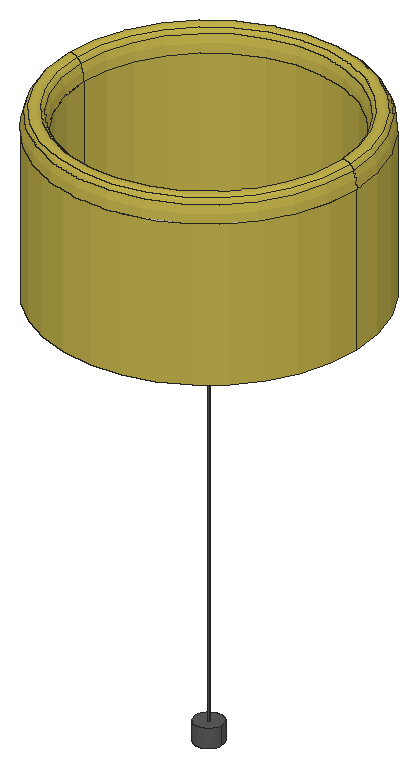
Revit family "Haworth_BuzziJet_Pendant", category Lighting Fixtures, host Face, Revit 2018
Family settings
  Host = Face
  Round Connector Dimension = Use Diameter
  Part Type = Normal
  Cut with Voids When Loaded = No
  Light Source = No
  Shared = No
  Room Calculation Point = No
Parameters (values of type "HCBZ-JTP2 - Medium Pendant - Straight Cable")
  Warranty = "http://www.haworth.com/resources/product-info/warranties"
  Upholstery Finish [instance] = Haworth _ Fabric _ BFA_ Yellow BFA-24
  URL - Product = "https://www.haworth.com/products/lighting/acoustic/buzzijet"
  URL = "http://www.haworth.com/our-brands/haworth-collection"
  Trim Finish = Haworth _ Paint _ Collection Black
  Straight Cable = not(Split Cable)  # yes
  Split Cable Length = 15.75"  # constant formula
  Split Cable = no
  Small = not(Medium)  # no
  Revision = "1"  # constant formula
  Note = "Verify Final Dim. w/ Haworth"  # constant formula
  Model = "HCBZ-JTP"  # constant formula
  Min. Cable Length = 20.00"  # constant formula
  Medium = yes
  Max. Cable Length = 196.85039"  # constant formula
  Manufacturer = "Haworth"  # constant formula
  Glass Finish = Haworth _ Glass _ Frosted
  Description = "Haworth BuzziJet Medium Pendant Light Straight Cable"
  Default Elevation = 0.00"
  Cable Length [instance] = 41.00"
  Cable Finish [instance] = Haworth _ Paint _ Collection Black
  Author = "Haworth (Alias)"  # constant formula
  Assembly Code = "E2020200"
  Actual Width = 31.50"  # constant formula
  Actual Height = if(Small, 8.86", 17.72")  # 17.72"
  Actual Depth = 31.50"  # constant formula
  Actual Cable Length [instance] = if(Cable Length > Max. Cable Length, Max. Cable Length, if(Cable Length < Min. Cable Length, Min. Cable Length, Cable Length))  # 41.00"
Types (5): name | Straight Cable | Split Cable | Small | Medium | Description | Actual Height
  (no name) | yes | no | no | yes | "Haworth BuzziJet Medium Pendant Light Straight Cable" | 17.72"
  HCBZ-JTP2 - Medium Pendant - Split Cable | no | yes | no | yes | "Haworth BuzziJet Medium Pendant Light Split Cable" | 17.72"
  HCBZ-JTP2 - Medium Pendant - Straight Cable | yes | no | no | yes | "Haworth BuzziJet Medium Pendant Light Straight Cable" | 17.72"
  HCBZ-JTP1 - Small Pendant - Split Cable | no | yes | yes | no | "Haworth BuzziJet Small Pendant Light Split Cable" | 8.86"
  HCBZ-JTP1 - Small Pendant - Straight Cable | yes | no | yes | no | "Haworth BuzziJet Small Pendant Light Straight Cable" | 8.86"
Reference planes (in)
  plane 1 "Center (Front/Back)": y = 0
  plane 2: z = 0
  plane 3 "Center (Left/Right)": x = 0
  plane 4 "Left": x = -15.75
  plane 5 "Right": x = 15.75
  plane 6 "Back": y = 15.75
  plane 7 "Front": y = -15.75
  plane 8 "Support Bottom": z = 1.88976
  plane 9 "Shade Bottom": z = 42.88976
  plane 10: z = 42.81143
  plane 11: z = 27.06143
Forms (in)
  Extrusion 1, solid, material "Haworth _ Paint _ Collection Black" <- "Trim Finish"
    sketch origin (0, 0, 0) x (1, 0, 0) y (0, 1, 0)
      loop
        circle (0, 0) r 1.38948
    from 0 to 1.88976
  Extrusion 2, solid, material "Haworth _ Paint _ Collection Black" <- "Cable Finish", visible <- "Straight Cable"
    sketch origin (0, 0, 0) x (1, 0, 0) y (0, 1, 0)
      loop
        circle (0, 0) r 0.07926
    from 1.88976 to 42.88976
  Extrusion 3, solid, material "Haworth _ Paint _ Collection Black" <- "Cable Finish", visible <- "Split Cable", detail levels medium+fine
    sketch origin (0, 0, 0) x (1, 0, 0) y (0, 1, 0)
      loop
        circle (0, 0) r 0.07926
    from 1.88976 to 27.06143
Dimensions and locks (in)
  "Actual Depth": plane 6 "Back" to plane 7 "Front"
  equal spacing: plane 6 "Back", plane 1 "Center (Front/Back)", plane 7 "Front"
  equal spacing: plane 4 "Left", plane 3 "Center (Left/Right)", plane 5 "Right"
  "Actual Width": plane 4 "Left" to plane 5 "Right"
  "Actual Cable Length": plane 9 "Shade Bottom" to plane 8 "Support Bottom"
  locked: plane 9 "Shade Bottom" to plane 10 at 0.07833
  locked: plane 8 "Support Bottom" to plane 2 at 1.88976
  locked: plane 10 to plane 11 at 15.75
  radius of Extrusion 2 sketch curve = 0.07926"
  radius of Extrusion 1 sketch curve = 1.38948"
  radius of Extrusion 3 sketch curve = 0.07926"
  aligned and locked: plane 2 to host face
  aligned and locked: level to host face
  aligned and locked: plane 1 "Center (Front/Back)" to Extrusion 1 sketch curve
  aligned and locked: plane 3 "Center (Left/Right)" to Extrusion 1 sketch curve
  aligned and locked: Extrusion 1 to plane 2
  aligned and locked: plane 8 "Support Bottom" to Extrusion 1
  aligned and locked: plane 1 "Center (Front/Back)" to Extrusion 2 sketch curve
  aligned and locked: plane 3 "Center (Left/Right)" to Extrusion 2 sketch curve
  aligned and locked: Extrusion 2 to plane 8 "Support Bottom"
  aligned and locked: plane 9 "Shade Bottom" to Extrusion 2
  aligned and locked: plane 3 "Center (Left/Right)" to nested 2
  aligned and locked: plane 1 "Center (Front/Back)" to nested 2
  aligned and locked: nested 2 to plane 10
  aligned and locked: plane 1 "Center (Front/Back)" to nested 1
  aligned and locked: plane 3 "Center (Left/Right)" to nested 1
  aligned and locked: nested 1 to plane 11
  aligned and locked: plane 1 "Center (Front/Back)" to Extrusion 3 sketch curve
  aligned and locked: plane 3 "Center (Left/Right)" to Extrusion 3 sketch curve
  aligned and locked: Extrusion 3 to plane 8 "Support Bottom"
  aligned and locked: Extrusion 3 to plane 11
Automatic sketch dimensions
  host sketch curve to host sketch curve = 96.00"  (x2)
Nested families (in)
  nested 1: "Haworth_BuzziJet_SplitCable_PART" at (0, 0, 27.06143), visible <- "Split Cable", type "Cable"
  nested 2: "Haworth_BuzziJet_Pendant_Part" at (0, 0, 42.81143), type "Pendant"
    with Small no, Actual Height 17.72"
Definition of nested family "Haworth_BuzziJet_SplitCable_PART"
  Parameters (values of type "Cable")
    Warranty = "http://www.haworth.com/resources/product-info/warranties"
    URL - Product = "https://www.haworth.com/products/lighting/acoustic/buzzijet"
    URL = "http://www.haworth.com/our-brands/haworth-collection"
    Trim Finish = none
    Size = "Verify Final Dim. w/ Haworth"  # constant formula
    Revision Number = "1"  # constant formula
    Model = "HCBZ-JTP"  # constant formula
    Manufacturer = "Haworth"  # constant formula
    Description = "Haworth BuzziJet - Split Cable Part"
    Cable Length = 15.75"  # constant formula
    Cable Finish = none
    Author = "Haworth(Alias)"  # constant formula
  Reference planes (in)
    plane 1 "Light Source Axis (F/B)": y = 0
    plane 2 "Bottom": z = 0
    plane 3 "Light Source Axis (L/R)": x = 0
    plane 4 "Light Source Elevation": z = 59.05512
    plane 5: z = 15.75
  Forms (in)
    Revolve 1, solid, material <- "Trim Finish"
      sketch origin (0, 0, 0) x (1, 0, 0) y (0, 0, 1)
        loop
          line (0, 0) -> (0.15748, 0) -> (0.15748, 0.75) -> (0.2514, 0.75) -> (0.2514, 1.00751) -> (0, 1.00751) -> (0, 0)
        axis (0, 1.00751) -> (0, 0)
      angle from 0 to 360
    Sweep 2, solid, material <- "Cable Finish"
      path origin (0, 0, 0) x (0, -1, 0) y (0, 0, 1)
        loop
          line (7.84687, 15.75) -> (0.0456, 0.98321)
      profile origin (0, -3.94624, 8.36661) x (0, -0.884195, -0.467119) y (-1, 0, 0)
        loop
          circle (-0.02087, 0) r 0.03101
    Sweep 3, solid, material <- "Cable Finish"
      path origin (0.00024, 0.00041, 0) x (0.866025, 0.5, 0) y (0, 0, 1)
        loop
          line (7.84687, 15.75) -> (0.0456, 0.98321)
      profile origin (3.41778, 1.97353, 8.36661) x (0.765735, 0.442097, -0.467119) y (0.5, -0.866025, 0)
        loop
          circle (-0.02087, 0) r 0.03101
    Sweep 4, solid, material <- "Cable Finish"
      path origin (-0.00024, 0.00041, 0) x (-0.866025, 0.5, 0) y (0, 0, 1)
        loop
          line (7.84687, 15.75) -> (0.0456, 0.98321)
      profile origin (-3.41778, 1.97353, 8.36661) x (-0.765735, 0.442097, -0.467119) y (0.5, 0.866025, 0)
        loop
          circle (-0.02087, 0) r 0.03101
  Lines and regions (in)
    Masking region 1
      outline origin (0, 0, 0) x (1, 0, 0) y (0, 1, 0)
        loop
          circle (0, 0.00027) r 0.2514
  Dimensions and locks (in)
    "Cable Length": plane 5 to plane 2 "Bottom"
    locked: Revolve 1 sketch curve to plane 2 "Bottom" at 0.75
    aligned and locked: level to plane 2 "Bottom"
    aligned and locked: plane 3 "Light Source Axis (L/R)" to Revolve 1 sketch curve
    aligned and locked: Revolve 1 sketch curve to plane 2 "Bottom"
  Automatic sketch dimensions
    profile plane to Sweep 2 sketch curve = 0.00"
    profile plane to Sweep 2 sketch curve = 0.02087"
    Revolve 1 sketch curve to plane 3 "Light Source Axis (L/R)" = 0.00"
    plane 3 "Light Source Axis (L/R)" to Revolve 1 sketch curve = 0.15748"
    Revolve 1 sketch curve to Revolve 1 sketch curve = 0.09392"
    Revolve 1 sketch curve to Revolve 1 sketch curve = 0.25751"
    Revolve 1 sketch curve to level = 4.11432"
    Revolve 1 sketch curve to Revolve 1 sketch curve = 6.87817"
    Sweep 2 sketch curve to plane 5 = 0.00"
    level to Sweep 2 sketch curve = 0.98321"
    Sweep 2 sketch curve to Sweep 2 sketch curve = 7.80127"
    Sweep 3 sketch curve to plane 5 = 0.00"
    level to Sweep 3 sketch curve = 0.98321"
    Sweep 3 sketch curve to Sweep 3 sketch curve = 7.80127"
    Sweep 3 sketch curve to profile plane = 0.00"
    profile plane to Sweep 3 sketch curve = 0.02087"
    plane 5 to Sweep 4 sketch curve = 0.00"
    level to Sweep 4 sketch curve = 0.98321"
    Sweep 4 sketch curve to Sweep 4 sketch curve = 7.80127"
    profile plane to Sweep 4 sketch curve = 0.00"
    profile plane to Sweep 4 sketch curve = 0.02087"
    Masking region 1 sketch curve to plane 3 "Light Source Axis (L/R)" = 0.00"
    Masking region 1 sketch curve to plane 1 "Light Source Axis (F/B)" = 0.00027"
    radius of Sweep 2 sketch curve = 0.03101"
    radius of Sweep 3 sketch curve = 0.03101"
    radius of Sweep 4 sketch curve = 0.03101"
    radius of Masking region 1 sketch curve = 0.2514"
Definition of nested family "Haworth_BuzziJet_Pendant_Part"
  Parameters (values of type "Pendant")
    Wattage = 29 W
    Warranty = "http://www.haworth.com/resources/product-info/warranties"
    built-in parameter 1150110 = 1 (stored number, unit not read)
    Upholstery Finish = none
    URL - Product = "https://www.haworth.com/products/lighting/acoustic/buzzijet"
    URL = "http://www.haworth.com/our-brands/haworth-collection"
    Trim Finish = none
    built-in parameter 1114217 = 1 (stored number, unit not read)
    Tilt Angle = 90.00°
    built-in parameter 1150109 = 1 (stored number, unit not read)
    built-in parameter 1150134 = (empty or 0)
    built-in parameter 1150113 = 1 (stored number, unit not read)
    Small = yes
    Size = "Verify Final Dim. w/ Haworth"  # constant formula
    Revision Number = "1"  # constant formula
    Photometric Web File = "generic"
    built-in parameter 1150142 = (empty or 0)
    Model = "HCBZ-JTP"  # constant formula
    Medium = yes
    Manufacturer = "Haworth"  # constant formula
    built-in parameter 1150105 = 203.08 (stored number, unit not read)
    Lumens = 2552 lm
    built-in parameter 1150115 = 1 (stored number, unit not read)
    built-in parameter 1150137 = (empty or 0)
    built-in parameter 1150139 = (empty or 0)
    built-in parameter 1150112 = 1 (stored number, unit not read)
    built-in parameter 1150114 = 1 (stored number, unit not read)
    built-in parameter 1150132 = (empty or 0)
    built-in parameter 1150102 = (empty or 0)
    built-in parameter 1150107 = 3000 (stored number, unit not read)
    built-in parameter 1150138 = (empty or 0)
    built-in parameter 1150106 = 2.0308 (stored number, unit not read)
    Glass Finish = none
    Emit from Circle Diameter = 24.00"
    Emit Shape Visible in Rendering = no
    built-in parameter 1150104 = 8.1755 (stored number, unit not read)
    Dimming Lamp Color Temperature Shift = (empty or 0)
    Description = "Haworth BuzziJet Pendant - Part"
    Color Filter = 16777215
    built-in parameter 1114218 = 1 (stored number, unit not read)
    Author = "Haworth(Alias)"  # constant formula
    built-in parameter 1150133 = 10 (stored number, unit not read)
    Actual Width = 31.50"  # constant formula
    Actual Height = if(Small, 8.86", 17.72")  # 8.86"
    Actual Depth = 31.50"  # constant formula
  Reference planes (in)
    plane 1 "Light Source Axis (F/B)": y = 0
    plane 2 "Bottom": z = 0
    plane 3 "Light Source Axis (L/R)": x = 0
    plane 4 "Light Source Elevation": z = 5.5
    plane 5: y = 15.75
    plane 6: y = -15.75
    plane 7: x = 15.75
    plane 8: x = -15.75
    plane 9 "Top": z = 8.86
  Forms (in)
    Extrusion 1, solid, material <- "Trim Finish"
      sketch origin (0, 0, 0) x (1, 0, 0) y (0, 1, 0)
        loop
          line (-10.61918, 7.72211) -> (-7.44013, 5.88669)
          arc (-7.44013, 5.88669) -> (-7.17187, 5.83896) -> (-6.93528, 5.97413) r 0.4
          arc (-6.93528, 5.97413) -> (0, 9.18251) -> (6.93528, 5.97413) r 9.09988
          arc (6.93528, 5.97413) -> (7.17187, 5.83896) -> (7.44013, 5.88669) r 0.4
          line (7.44013, 5.88669) -> (10.61918, 7.72211)
          arc (10.61918, 7.72211) -> (10.81166, 7.99135) -> (10.73544, 8.31343) r 0.4
          arc (10.73544, 8.31343) -> (0, 13.57802) -> (-10.73544, 8.31343) r 13.57802
          arc (-10.73544, 8.31343) -> (-10.81166, 7.99135) -> (-10.61918, 7.72211) r 0.4
        loop
          line (-8.81809, 3.5) -> (-11.99713, 5.33542)
          arc (-11.99713, 5.33542) -> (-12.32654, 5.3675) -> (-12.56736, 5.14045) r 0.4
          arc (-12.56736, 5.14045) -> (-11.75891, -6.78901) -> (-1.83192, -13.45387) r 13.57802
          arc (-1.83192, -13.45387) -> (-1.51488, -13.35885) -> (-1.37795, -13.05753) r 0.4
          line (-1.37795, -13.05753) -> (-1.37795, -9.38669)
          arc (-1.37795, -9.38669) -> (-1.47076, -9.1305) -> (-1.7061, -8.99319) r 0.4
          arc (-1.7061, -8.99319) -> (-7.95229, -4.59126) -> (-8.64139, 3.01907) r 9.09988
          arc (-8.64139, 3.01907) -> (-8.64263, 3.29154) -> (-8.81809, 3.5) r 0.4
        loop
          arc (1.7061, -8.99319) -> (1.47076, -9.1305) -> (1.37795, -9.38669) r 0.4
          line (1.37795, -9.38669) -> (1.37795, -13.05753)
          arc (1.37795, -13.05753) -> (1.51488, -13.35885) -> (1.83192, -13.45387) r 0.4
          arc (1.83192, -13.45387) -> (11.75891, -6.78901) -> (12.56736, 5.14045) r 13.57802
          arc (12.56736, 5.14045) -> (12.32654, 5.3675) -> (11.99713, 5.33542) r 0.4
          line (11.99713, 5.33542) -> (8.81809, 3.5)
          arc (8.81809, 3.5) -> (8.64263, 3.29154) -> (8.64139, 3.01907) r 0.4
          arc (8.64139, 3.01907) -> (7.95229, -4.59126) -> (1.7061, -8.99319) r 9.09988
        loop
          circle (0, 0) r 15.35433
      from 0.08342 to 0.19462
    Revolve 2, solid, material <- "Trim Finish"
      sketch origin (0, 0, 0) x (1, 0, 0) y (0, 0, 1)
        loop
          line (8.77953, 0.19462) -> (8.77953, 3.18831) -> (9.21952, 3.18831) -> (9.25197, 3.20012) -> (9.25197, 3.25524) -> (9.21952, 3.26705) -> (0, 3.26705) -> (0, 0.19462) -> (8.77953, 0.19462)
        axis (0, 3.26705) -> (0, 0.19462)
      angle from 0 to 360
    Revolve 3, solid, material <- "Glass Finish"
      sketch origin (0, 0, 0) x (1, 0, 0) y (0, 0, 1)
        loop
          arc (8.66015, 3.26705) -> (8.79208, 3.38194) -> (8.69642, 3.52841) r 0.1332
          arc (8.69642, 3.52841) -> (6.65845, 3.9949) -> (4.58367, 4.25221) r 20.58
          arc (4.58367, 4.25221) -> (2.29334, 4.37699) -> (0, 4.41861) r 63.21535
          line (0, 4.41861) -> (0, 3.26705) -> (8.66015, 3.26705)
        axis (0, 4.41861) -> (0, 3.26705)
      angle from 0 to 360
    Revolve 4, solid, material <- "Upholstery Finish"
      sketch origin (0, 0, 0) x (1, 0, 0) y (0, 0, 1)
        loop
          line (15.75, 0) -> (15.75, 6.52698)
          arc (15.75, 6.52698) -> (15.6677, 7.38166) -> (15.42384, 8.20494) r 4.47926
          arc (15.42384, 8.20494) -> (15.28329, 8.45849) -> (15.08558, 8.67051) r 1.18939
          arc (15.08558, 8.67051) -> (14.56496, 8.86) -> (14.04433, 8.67051) r 0.80994
          arc (14.04433, 8.67051) -> (13.84662, 8.45849) -> (13.70607, 8.20494) r 1.18939
          arc (13.70607, 8.20494) -> (13.46221, 7.38166) -> (13.37991, 6.52698) r 4.47926
          line (13.37991, 6.52698) -> (13.37991, 0) -> (15.75, 0)
        axis (0, 8.67051) -> (0, 0)
      angle from 0 to 360
  Lines and regions (in)
    Masking region 1
      outline origin (0, 0, 0) x (1, 0, 0) y (0, 1, 0)
        loop
          circle (0, 0) r 15.75
    Masking region 2, detail levels medium+fine
      outline origin (0, 0, 0) x (1, 0, 0) y (0, 1, 0)
        loop
          line (-10.61918, 7.72211) -> (-7.44013, 5.88669)
          arc (-7.44013, 5.88669) -> (-7.17187, 5.83896) -> (-6.93528, 5.97413) r 0.4
          arc (-6.93528, 5.97413) -> (0, 9.18251) -> (6.93528, 5.97413) r 9.09988
          arc (6.93528, 5.97413) -> (7.17187, 5.83896) -> (7.44013, 5.88669) r 0.4
          line (7.44013, 5.88669) -> (10.61918, 7.72211)
          arc (10.61918, 7.72211) -> (10.81166, 7.99135) -> (10.73544, 8.31343) r 0.4
          arc (10.73544, 8.31343) -> (0, 13.57802) -> (-10.73544, 8.31343) r 13.57802
          arc (-10.73544, 8.31343) -> (-10.81166, 7.99135) -> (-10.61918, 7.72211) r 0.4
        loop
          line (-8.81809, 3.5) -> (-11.99713, 5.33542)
          arc (-11.99713, 5.33542) -> (-12.32654, 5.3675) -> (-12.56736, 5.14045) r 0.4
          arc (-12.56736, 5.14045) -> (-11.75891, -6.78901) -> (-1.83192, -13.45387) r 13.57802
          arc (-1.83192, -13.45387) -> (-1.51488, -13.35885) -> (-1.37795, -13.05753) r 0.4
          line (-1.37795, -13.05753) -> (-1.37795, -9.38669)
          arc (-1.37795, -9.38669) -> (-1.47076, -9.1305) -> (-1.7061, -8.99319) r 0.4
          arc (-1.7061, -8.99319) -> (-7.95229, -4.59126) -> (-8.64139, 3.01907) r 9.09988
          arc (-8.64139, 3.01907) -> (-8.64263, 3.29154) -> (-8.81809, 3.5) r 0.4
        loop
          arc (1.7061, -8.99319) -> (1.47076, -9.1305) -> (1.37795, -9.38669) r 0.4
          line (1.37795, -9.38669) -> (1.37795, -13.05753)
          arc (1.37795, -13.05753) -> (1.51488, -13.35885) -> (1.83192, -13.45387) r 0.4
          arc (1.83192, -13.45387) -> (11.75891, -6.78901) -> (12.56736, 5.14045) r 13.57802
          arc (12.56736, 5.14045) -> (12.32654, 5.3675) -> (11.99713, 5.33542) r 0.4
          line (11.99713, 5.33542) -> (8.81809, 3.5)
          arc (8.81809, 3.5) -> (8.64263, 3.29154) -> (8.64139, 3.01907) r 0.4
          arc (8.64139, 3.01907) -> (7.95229, -4.59126) -> (1.7061, -8.99319) r 9.09988
        loop
          circle (0, 0) r 15.35433
  Dimensions and locks (in)
    "Actual Depth": plane 5 to plane 6
    "Actual Width": plane 8 to plane 7
    equal spacing: plane 6, plane 1 "Light Source Axis (F/B)", plane 5
    equal spacing: plane 8, plane 3 "Light Source Axis (L/R)", plane 7
    "Actual Height": plane 9 "Top" to plane 2 "Bottom"
    locked: plane 4 "Light Source Elevation" to plane 2 "Bottom" at 5.5
    aligned and locked: level to plane 2 "Bottom"
    aligned and locked: imposter light to plane 1 "Light Source Axis (F/B)"
    aligned and locked: imposter light to plane 4 "Light Source Elevation"
    aligned and locked: Revolve 4 sketch curve to plane 2 "Bottom"
    aligned and locked: plane 7 to Revolve 4 sketch curve
  Automatic sketch dimensions
    Extrusion 1 sketch curve to Extrusion 1 sketch curve = 0.00"  (x13)
    plane 1 "Light Source Axis (F/B)" to Extrusion 1 sketch curve = 0.00"
    Extrusion 1 sketch curve to plane 3 "Light Source Axis (L/R)" = 0.00"
    Extrusion 1 sketch curve to plane 3 "Light Source Axis (L/R)" = 0.07157"
    Extrusion 1 sketch curve to plane 3 "Light Source Axis (L/R)" = 1.37795"
    Extrusion 1 sketch curve to Extrusion 1 sketch curve = 0.40"  (x4)
    Extrusion 1 sketch curve to Extrusion 1 sketch curve = 0.20"  (x8)
    Extrusion 1 sketch curve to Extrusion 1 sketch curve = 1.37795"  (x4)
    Extrusion 1 sketch curve to Extrusion 1 sketch curve = 3.17904"  (x2)
    plane 3 "Light Source Axis (L/R)" to Extrusion 1 sketch curve = 0.00"
    plane 3 "Light Source Axis (L/R)" to Extrusion 1 sketch curve = 0.07157"
    plane 3 "Light Source Axis (L/R)" to Extrusion 1 sketch curve = 1.37795"
    plane 3 "Light Source Axis (L/R)" to Extrusion 1 sketch curve = 7.24013"
    plane 1 "Light Source Axis (F/B)" to Extrusion 1 sketch curve = 0.04132"  (x2)
    Extrusion 1 sketch curve to plane 6 = 6.36331"
    Extrusion 1 sketch curve to plane 6 = 2.69247"  (x2)
    Extrusion 1 sketch curve to plane 1 "Light Source Axis (F/B)" = 0.08264"
    Extrusion 1 sketch curve to plane 1 "Light Source Axis (F/B)" = 3.15359"  (x2)
    Extrusion 1 sketch curve to Extrusion 1 sketch curve = 0.34641"  (x8)
    Extrusion 1 sketch curve to Extrusion 1 sketch curve = 1.83542"  (x2)
    Extrusion 1 sketch curve to Extrusion 1 sketch curve = 2.38668"  (x4)
    Extrusion 1 sketch curve to plane 3 "Light Source Axis (L/R)" = 7.24013"
    Revolve 2 sketch curve to plane 3 "Light Source Axis (L/R)" = 0.00"  (x2)
    level to Revolve 2 sketch curve = 3.18831"
    Revolve 2 sketch curve to plane 7 = 6.97047"
    Revolve 2 sketch curve to Revolve 2 sketch curve = 0.43999"
    Revolve 2 sketch curve to Revolve 2 sketch curve = 0.00"
    level to Revolve 2 sketch curve = 3.20012"
    Revolve 2 sketch curve to Revolve 2 sketch curve = 0.03245"
    level to Revolve 2 sketch curve = 0.19462"
    Revolve 2 sketch curve to Revolve 2 sketch curve = 0.05512"
    Revolve 2 sketch curve to Revolve 2 sketch curve = 0.01181"
    Revolve 2 sketch curve to level = 3.73295"
    Revolve 2 sketch curve to plane 4 "Light Source Elevation" = 4.29705"
    Revolve 3 sketch curve to plane 3 "Light Source Axis (L/R)" = 0.00"  (x2)
    plane 3 "Light Source Axis (L/R)" to Revolve 3 sketch curve = 3.09144"
    level to Revolve 3 sketch curve = 3.40025"
    Revolve 3 sketch curve to plane 7 = 7.08985"
    Revolve 3 sketch curve to Revolve 3 sketch curve = 0.1332"
    Revolve 3 sketch curve to level = 16.27362"
    Revolve 3 sketch curve to Revolve 3 sketch curve = 42.52312"
    Revolve 3 sketch curve to Revolve 3 sketch curve = 4.07648"
    Revolve 3 sketch curve to Revolve 3 sketch curve = 0.00"
    Revolve 3 sketch curve to level = 3.98295"
    Revolve 3 sketch curve to plane 4 "Light Source Elevation" = 3.29705"
    Revolve 4 sketch curve to plane 3 "Light Source Axis (L/R)" = 0.00"
    Revolve 4 sketch curve to plane 9 "Top" = 2.33302"
    Revolve 4 sketch curve to Revolve 4 sketch curve = 4.47926"
    Revolve 4 sketch curve to plane 7 = 2.37009"
    Revolve 4 sketch curve to plane 7 = 1.42895"
    Revolve 4 sketch curve to Revolve 4 sketch curve = 0.24391"  (x2)
    plane 7 to Revolve 4 sketch curve = 2.10917"
    Revolve 4 sketch curve to Revolve 4 sketch curve = 0.00"  (x5)
    Revolve 4 sketch curve to plane 9 "Top" = 1.10062"
    Revolve 4 sketch curve to Revolve 4 sketch curve = 0.29068"
    Revolve 4 sketch curve to level = 7.00"
    Revolve 4 sketch curve to plane 4 "Light Source Elevation" = 11.03"
    plane 1 "Light Source Axis (F/B)" to Masking region 1 sketch curve = 0.00"
    Masking region 1 sketch curve to plane 3 "Light Source Axis (L/R)" = 0.00"
    Masking region 2 sketch curve to Masking region 2 sketch curve = 0.00"  (x19)
    plane 1 "Light Source Axis (F/B)" to Masking region 2 sketch curve = 0.00"
    Masking region 2 sketch curve to plane 3 "Light Source Axis (L/R)" = 0.00"
    Masking region 2 sketch curve to plane 3 "Light Source Axis (L/R)" = 0.07157"
    Masking region 2 sketch curve to plane 3 "Light Source Axis (L/R)" = 1.37795"
    Masking region 2 sketch curve to Masking region 2 sketch curve = 0.40"  (x4)
    Masking region 2 sketch curve to plane 3 "Light Source Axis (L/R)" = 7.24013"
    Masking region 2 sketch curve to Masking region 2 sketch curve = 0.20"  (x8)
    Masking region 2 sketch curve to Masking region 2 sketch curve = 1.37795"  (x4)
    Masking region 2 sketch curve to Masking region 2 sketch curve = 3.17904"  (x2)
    plane 3 "Light Source Axis (L/R)" to Masking region 2 sketch curve = 0.00"
    plane 3 "Light Source Axis (L/R)" to Masking region 2 sketch curve = 0.07157"
    plane 3 "Light Source Axis (L/R)" to Masking region 2 sketch curve = 1.37795"
    plane 3 "Light Source Axis (L/R)" to Masking region 2 sketch curve = 7.24013"
    plane 1 "Light Source Axis (F/B)" to Masking region 2 sketch curve = 0.04132"  (x2)
    Masking region 2 sketch curve to plane 6 = 6.36331"
    Masking region 2 sketch curve to plane 6 = 2.69247"  (x2)
    Masking region 2 sketch curve to plane 1 "Light Source Axis (F/B)" = 0.08264"
    Masking region 2 sketch curve to plane 1 "Light Source Axis (F/B)" = 3.15359"  (x2)
    Masking region 2 sketch curve to Masking region 2 sketch curve = 0.34641"  (x8)
    Masking region 2 sketch curve to Masking region 2 sketch curve = 1.83542"  (x2)
    Masking region 2 sketch curve to Masking region 2 sketch curve = 2.38668"  (x4)
    radius of Extrusion 1 sketch curve = 15.35433"
    radius of Masking region 1 sketch curve = 15.75"
    radius of Masking region 2 sketch curve = 15.35433"
